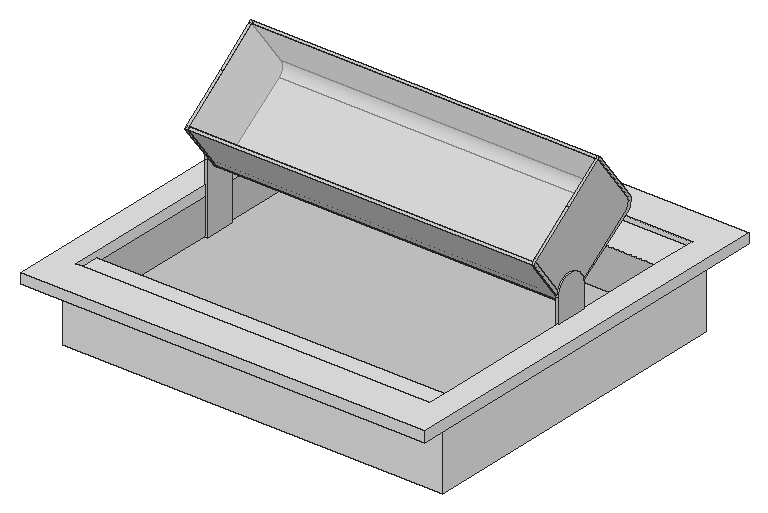
Revit family "CLML", category Lighting Fixtures, host Face, Revit 2021
Family settings
  Host = Face
  Round Connector Dimension = Use Diameter
  Part Type = Normal
  OmniClass Number = 23.80.70.11
  OmniClass Title = Luminaries for Internal Lighting
  Cut with Voids When Loaded = No
  Light Source = Yes
  Shared = No
  Room Calculation Point = No
Parameters (values of type "CLML")
  zz Length 2 = 23.70"
  zz Length 1 = 23.70"
  Watts = 10 W
  Wattage = 10 W
  Warranty = "3 year warranty"  # constant formula
  built-in parameter 1150110 = 1 (stored number, unit not read)
  Voltage = 120 V
  built-in parameter 1114217 = 1 (stored number, unit not read)
  Tilt Angle = -120.00°
  built-in parameter 1150109 = 1 (stored number, unit not read)
  built-in parameter 1150134 = 3
  built-in parameter 1150113 = 1 (stored number, unit not read)
  Power Factor = 1
  Photometric Web File = "generic.ies"
  Photometric Note = "For  Photometrics Please vist above Link"  # constant formula
  built-in parameter 1150105 = 79.577 (stored number, unit not read)
  Lumens = 1000 lm
  built-in parameter 1150115 = 1 (stored number, unit not read)
  built-in parameter 1150137 = (empty or 0)
  built-in parameter 1150139 = (empty or 0)
  built-in parameter 1150112 = 1 (stored number, unit not read)
  built-in parameter 1150114 = 1 (stored number, unit not read)
  built-in parameter 1150132 = (empty or 0)
  built-in parameter 1150102 = (empty or 0)
  built-in parameter 1150107 = 3200 (stored number, unit not read)
  built-in parameter 1150138 = (empty or 0)
  built-in parameter 1150106 = 0.79577 (stored number, unit not read)
  Housing = Paint  - White
  Features = "Offered in Emergency with battery or AC input from Inverter/Generator\r\n• Includes Self-Test , Self-Diagnostics with optional 15 min. Time Delay\r\n• LED array with 3 each 3-watt LEDs providing 561 absolute lumens\r\n• 5000K color temperature\r\n• LED life-cycle of 10,000 hours\r\n• Dual-voltage field selectable 120 or 277V AC input\r\n• Rated for 90-minute runtime with Nickel Metal Hydride Batteries\r\n• UL924 Damp Listed\r\n• Application temperature from 10°C to 40°C\r\n• Optional Remote Test Transmitter for ease of testing"
  Load Classification = Lighting
  Wattage Comments = "10W"  # constant formula
  URL = "https://www.currentlighting.com/dual-lite"
  Product Page URL = ""
  Product Documentation Link = ""
  Model = "CLML"  # constant formula
  Manufacturer = "Dual Lite"  # constant formula
  Lamp = "LED Lamp"  # constant formula
  Opal lens = White Glass
  built-in parameter 1150104 = 9.2903 (stored number, unit not read)
  Dimming Lamp Color Temperature Shift = <None>
  Description = "Compact concealed LED recessed self-contained emergency light with fully automatic operation suitable for wall or ceiling mount applications."  # constant formula
  Default Elevation = 48.00"
  Copyright = "© 2021 Dual-Lite"  # constant formula
  Contact us = ""
  Material Finish = Paint -  Light Silver
  Color Filter = 16777215
  built-in parameter 1114218 = 1 (stored number, unit not read)
  built-in parameter 1150133 = 10 (stored number, unit not read)
  Assembly Code = "D5020200"
  Apparent Load = Watts / Power Factor  # 10 VA
Reference planes (in)
  plane 1 "Center (Front/Back)": y = 13.01342
  plane 2: z = 0
  plane 3 "Center (Left/Right)": x = 0
  plane 4: x = -3.99922
  plane 5: x = 3.99922
  plane 6: y = 17.01498
  plane 7: y = 9.01186
  plane 8: z = 2.4
Forms (in)
  Extrusion 1, solid, material "Paint  - White" <- "Housing"
    sketch origin (0, 0, 0) x (1, 0, 0) y (0, 1, 0)
      loop
        line (-3.99922, 9.01186) -> (3.99922, 9.01186) -> (3.99922, 17.01498) -> (-3.99922, 17.01498) -> (-3.99922, 9.01186)
      loop
        line (-3.49922, 16.26498) -> (-3.49922, 9.76186) -> (3.49922, 9.76186) -> (3.49922, 16.26498) -> (-3.49922, 16.26498)
    from -0.1 to 0.1
  Extrusion 2, solid, material "Paint  - White" <- "Housing"
    sketch origin (0, 0, 0) x (1, 0, 0) y (0, 1, 0)
      loop
        line (-3.74922, 16.26498) -> (-3.74922, 9.76186) -> (3.74922, 9.76186) -> (3.74922, 16.26498) -> (-3.74922, 16.26498)
    from 0 to -1.41751
  Extrusion 3, void
    sketch origin (0, 0, 0) x (1, 0, 0) y (0, 1, 0)
      loop
        line (-3.49922, 10.26186) -> (3.49922, 10.26186) -> (3.49922, 15.48689) -> (-3.49922, 15.48689) -> (-3.49922, 10.26186)
    from -0.81275 to 0.1
  Extrusion 4, solid, material "White Glass" <- "Opal lens"
    sketch origin (0, 0, 0) x (0, 1, 0) y (0, 0, 1)
      loop
        line (13.9926, 2.53311) -> (12.44479, 1.38572) -> (13.12446, 0.46885)
        arc (13.12446, 0.46885) -> (13.25306, 0.39054) -> (13.39984, 0.42412) r 0.2
        line (13.39984, 0.42412) -> (14.65091, 1.30013)
        arc (14.65091, 1.30013) -> (14.73361, 1.4319) -> (14.69687, 1.58307) r 0.2
        line (14.69687, 1.58307) -> (13.9926, 2.53311)
    from -3.4 to 3.4
  Extrusion 5, solid, material "Paint -  Light Silver" <- "Material Finish"
    sketch origin (0, 0, 0) x (0, 1, 0) y (0, 0, 1)
      loop
        line (13.5627, -0.81275) -> (13.5627, 0.56826)
        arc (13.5627, 0.56826) -> (13.25681, 0.87415) -> (12.95092, 0.56826) r 0.30589
        line (12.95092, 0.56826) -> (12.95092, -0.81275) -> (13.5627, -0.81275)
    from -3.49922 to -3.45
  Extrusion 6, solid, material "Paint -  Light Silver" <- "Material Finish"
    sketch origin (0, 0, 0) x (0, 1, 0) y (0, 0, -1)
      loop
        line (13.5627, 0.81275) -> (12.95092, 0.81275) -> (12.95092, -0.56826)
        arc (12.95092, -0.56826) -> (13.25681, -0.87415) -> (13.5627, -0.56826) r 0.30589
        line (13.5627, -0.56826) -> (13.5627, 0.81275)
    from -3.49922 to -3.45
  Extrusion 7, solid, material "Paint -  Light Silver" <- "Material Finish"
    sketch origin (0, 0, 0) x (0, 1, 0) y (0, 0, 1)
      loop
        line (14.03244, 2.56266) -> (13.9926, 2.53311) -> (14.69687, 1.58307)
        arc (14.69687, 1.58307) -> (14.73361, 1.4319) -> (14.65091, 1.30013) r 0.2
        line (14.65091, 1.30013) -> (13.39984, 0.42412)
        arc (13.39984, 0.42412) -> (13.25306, 0.39054) -> (13.12446, 0.46885) r 0.2
        line (13.12446, 0.46885) -> (12.44499, 1.38545) -> (12.40041, 1.35237) -> (13.09846, 0.4114)
        arc (13.09846, 0.4114) -> (13.22569, 0.33398) -> (13.37086, 0.36721) r 0.19786
        line (13.37086, 0.36721) -> (14.73682, 1.32366)
        arc (14.73682, 1.32366) -> (14.79284, 1.45878) -> (14.74805, 1.59801) r 0.21204
        line (14.74805, 1.59801) -> (14.03244, 2.56266)
    from -3.45 to 3.45
  Extrusion 8, solid, material "Paint -  Light Silver" <- "Material Finish"
    sketch origin (0, 0, 0) x (0, 1, 0) y (0, 0, 1)
      loop
        line (14.03244, 2.56266) -> (13.28575, 2.00916) -> (12.40041, 1.35237) -> (13.09846, 0.4114)
        arc (13.09846, 0.4114) -> (13.22569, 0.33398) -> (13.37086, 0.36721) r 0.19786
        line (13.37086, 0.36721) -> (14.73682, 1.32366)
        arc (14.73682, 1.32366) -> (14.79284, 1.45878) -> (14.74805, 1.59801) r 0.21204
        line (14.74805, 1.59801) -> (14.03244, 2.56266)
    from 3.45 to 3.4
  Extrusion 9, solid, material "Paint -  Light Silver" <- "Material Finish"
    sketch origin (0, 0, 0) x (0, 1, 0) y (0, 0, -1)
      loop
        line (14.03244, -2.56266) -> (14.74805, -1.59801)
        arc (14.74805, -1.59801) -> (14.79284, -1.45878) -> (14.73682, -1.32366) r 0.21204
        line (14.73682, -1.32366) -> (13.37086, -0.36721)
        arc (13.37086, -0.36721) -> (13.22569, -0.33398) -> (13.09846, -0.4114) r 0.19786
        line (13.09846, -0.4114) -> (12.40041, -1.35237) -> (13.28575, -2.00916) -> (14.03244, -2.56266)
    from 3.45 to 3.4
Cuts and joins
  Extrusion 3 cuts Extrusion 1
  Extrusion 3 cuts Extrusion 2
Dimensions and locks (in)
  plane 7 to plane 6 = 8.00312"
  equal spacing: plane 7, plane 1 "Center (Front/Back)", plane 6
  plane 4 to plane 5 = 7.99844"
  equal spacing: plane 4, plane 3 "Center (Left/Right)", plane 5
  aligned and locked: plane 2 to host face
  aligned and locked: level to host face
  aligned and locked: Extrusion 4 to Extrusion 8
  aligned and locked: Extrusion 4 to Extrusion 9
Automatic sketch dimensions
  host sketch curve to host sketch curve = 96.00"  (x2)
  Extrusion 1 sketch curve to plane 4 = 0.00"
  Extrusion 1 sketch curve to plane 5 = 0.00"
  plane 7 to Extrusion 1 sketch curve = 0.00"
  plane 6 to Extrusion 1 sketch curve = 0.00"
  plane 4 to Extrusion 1 sketch curve = 0.50"
  Extrusion 1 sketch curve to plane 5 = 0.50"
  Extrusion 1 sketch curve to plane 7 = 0.75"
  plane 6 to Extrusion 1 sketch curve = 0.75"
  plane 4 to Extrusion 2 sketch curve = 0.25"
  Extrusion 2 sketch curve to plane 5 = 0.25"
  Extrusion 2 sketch curve to plane 7 = 0.75"
  plane 6 to Extrusion 2 sketch curve = 0.75"
  plane 4 to Extrusion 3 sketch curve = 0.50"
  Extrusion 3 sketch curve to plane 5 = 0.50"
  Extrusion 3 sketch curve to plane 7 = 1.25"
  plane 6 to Extrusion 3 sketch curve = 1.52809"
  plane 1 "Center (Front/Back)" to Extrusion 4 sketch curve = 0.56863"
  Extrusion 4 sketch curve to plane 1 "Center (Front/Back)" = 0.11104"
  Extrusion 4 sketch curve to Extrusion 4 sketch curve = 0.16067"  (x2)
  Extrusion 4 sketch curve to Extrusion 4 sketch curve = 0.11472"  (x2)
  plane 8 to Extrusion 4 sketch curve = 0.13311"
  Extrusion 4 sketch curve to plane 1 "Center (Front/Back)" = 0.97918"
  Extrusion 4 sketch curve to Extrusion 4 sketch curve = 0.54359"
  Extrusion 4 sketch curve to plane 8 = 0.81693"
  Extrusion 4 sketch curve to Extrusion 4 sketch curve = 0.04473"
  Extrusion 4 sketch curve to Extrusion 4 sketch curve = 0.28293"
  plane 1 "Center (Front/Back)" to Extrusion 5 sketch curve = 0.0625"
  Extrusion 5 sketch curve to plane 1 "Center (Front/Back)" = 0.24339"
  Extrusion 5 sketch curve to level = 0.81275"
  level to Extrusion 5 sketch curve = 0.56826"
  plane 1 "Center (Front/Back)" to Extrusion 6 sketch curve = 0.0625"
  Extrusion 6 sketch curve to plane 1 "Center (Front/Back)" = 0.24339"
  level to Extrusion 6 sketch curve = 0.56826"
  Extrusion 6 sketch curve to level = 0.81275"
  plane 1 "Center (Front/Back)" to Extrusion 7 sketch curve = 0.61301"
  Extrusion 7 sketch curve to Extrusion 7 sketch curve = 0.04458"
  Extrusion 7 sketch curve to plane 1 "Center (Front/Back)" = 0.08504"
  Extrusion 7 sketch curve to Extrusion 7 sketch curve = 0.02599"
  Extrusion 7 sketch curve to Extrusion 7 sketch curve = 0.13291"
  Extrusion 7 sketch curve to Extrusion 7 sketch curve = 0.02776"
  Extrusion 7 sketch curve to Extrusion 7 sketch curve = 0.11349"
  Extrusion 7 sketch curve to Extrusion 7 sketch curve = 0.02898"
  plane 8 to Extrusion 7 sketch curve = 0.13311"
  Extrusion 7 sketch curve to plane 1 "Center (Front/Back)" = 0.97918"
  plane 8 to Extrusion 7 sketch curve = 0.16266"
  Extrusion 7 sketch curve to Extrusion 7 sketch curve = 0.03983"
  Extrusion 7 sketch curve to Extrusion 7 sketch curve = 0.54359"
  Extrusion 7 sketch curve to Extrusion 7 sketch curve = 0.04478"
  Extrusion 7 sketch curve to Extrusion 7 sketch curve = 0.06994"
  Extrusion 7 sketch curve to plane 8 = 0.81693"
  Extrusion 7 sketch curve to Extrusion 7 sketch curve = 0.11589"
  Extrusion 7 sketch curve to plane 8 = 1.07634"
  Extrusion 7 sketch curve to Extrusion 7 sketch curve = 0.08591"
  Extrusion 7 sketch curve to plane 8 = 0.80199"
  Extrusion 7 sketch curve to Extrusion 7 sketch curve = 0.02353"
  level to Extrusion 7 sketch curve = 0.58795"
  Extrusion 7 sketch curve to Extrusion 7 sketch curve = 0.05867"
  Extrusion 7 sketch curve to Extrusion 7 sketch curve = 0.06043"
  Extrusion 7 sketch curve to Extrusion 7 sketch curve = 0.05745"
  Extrusion 7 sketch curve to plane 8 = 1.04763"
  plane 1 "Center (Front/Back)" to Extrusion 8 sketch curve = 0.61301"
  Extrusion 8 sketch curve to plane 1 "Center (Front/Back)" = 0.08504"
  Extrusion 8 sketch curve to Extrusion 8 sketch curve = 0.15891"
  Extrusion 8 sketch curve to plane 1 "Center (Front/Back)" = 0.27233"
  Extrusion 8 sketch curve to Extrusion 8 sketch curve = 0.00"
  Extrusion 8 sketch curve to Extrusion 8 sketch curve = 0.11349"
  plane 8 to Extrusion 8 sketch curve = 0.16266"
  Extrusion 8 sketch curve to Extrusion 8 sketch curve = 0.74668"
  Extrusion 8 sketch curve to Extrusion 8 sketch curve = 0.54854"
  Extrusion 8 sketch curve to Extrusion 8 sketch curve = 0.15585"
  Extrusion 8 sketch curve to plane 8 = 0.80199"
  Extrusion 8 sketch curve to Extrusion 8 sketch curve = 0.16707"
  Extrusion 8 sketch curve to Extrusion 8 sketch curve = 0.13057"
  Extrusion 8 sketch curve to plane 8 = 1.04763"
  level to Extrusion 8 sketch curve = 0.52928"
  Extrusion 8 sketch curve to Extrusion 8 sketch curve = 0.11788"
  plane 1 "Center (Front/Back)" to Extrusion 9 sketch curve = 0.61301"
  Extrusion 9 sketch curve to plane 1 "Center (Front/Back)" = 0.08504"
  Extrusion 9 sketch curve to Extrusion 9 sketch curve = 0.15891"
  Extrusion 9 sketch curve to Extrusion 9 sketch curve = 0.11349"
  plane 8 to Extrusion 9 sketch curve = 0.16266"
  Extrusion 9 sketch curve to plane 1 "Center (Front/Back)" = 1.01902"
  Extrusion 9 sketch curve to Extrusion 9 sketch curve = 0.54854"
  Extrusion 9 sketch curve to Extrusion 9 sketch curve = 0.15585"
  Extrusion 9 sketch curve to plane 8 = 0.80199"
  Extrusion 9 sketch curve to Extrusion 9 sketch curve = 0.16707"
  Extrusion 9 sketch curve to Extrusion 9 sketch curve = 0.13057"
  Extrusion 9 sketch curve to plane 8 = 1.04763"
  level to Extrusion 9 sketch curve = 0.52928"
  Extrusion 9 sketch curve to Extrusion 9 sketch curve = 0.11788"
  Extrusion 9 sketch curve to plane 1 "Center (Front/Back)" = 0.27233"
  Extrusion 9 sketch curve to Extrusion 9 sketch curve = 0.00"
Connectors (in)
  electrical at (0, 13.01342, -1.41751), driven by "Power Factor", driven by "Apparent Load", driven by "Voltage", driven by "Load Classification"
    settings: on cut or joined group of Extrusion 2, Extrusion 3, index 1, voltage 120 V, apparent load 10 VA, apparent load phase1 0 VA, apparent load phase2 0 VA, apparent load phase3 0 VA, power factor 1, load classification "Lighting", number of poles 1, system type 30, power factor state 1, is connector primary yes, connector utility no, sub classification motor no, connector description "Light Fixture"
